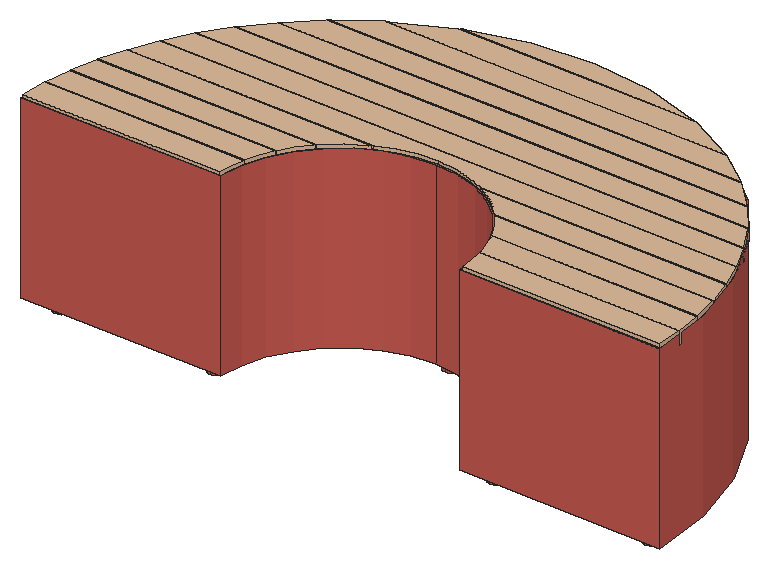
Revit family "product code 61706-S-L", category Meble, Revit 2021
Family settings
  Numer OmniClass = 23.40.20.00
  Tytuł OmniClass = General Furniture and Specialties
  Oparty na płaszczyźnie roboczej = Nie
  Zawsze pionowo = Tak
  Tnij formami wycięć po wczytaniu = Nie
  Współdzielony = Nie
  Punkt obliczania pomieszczeń = Nie
Parameters (values of type "61706-S-L")
  wood = Kobenhagen Wood - Larch
  metal = Kobenhagen RAL 3020
  Width = "80 cm"
  Weight = "150 kg"
  URL = "https://kobenhagen.com/en_US/p/Valby-Bench/109"
  Product line = "Valby"
  Product Groups = "Benches"
  Producent = "Lars Laj"
  Keynote = ""
  Opis = "Valby Bench"
  Model = "61706-S-L"
  Material = "Larch, stainless steel, powder coated steel"
  Maintenance = "We recommend to examine and tighten all screws and bolt clamps after a few weeks’ use. In order to prevent cracks and to extend the life of the wood, it is recommended that the wood details should be oiled every 3-5 years."
  Lenght = "160 cm"
  Type Comments = ""
  Kobenhagen Materials = "larslaj.com/bim"
  Hosted on larslaj.com = "https://larslaj.com/bim"
  Height = "48 cm"
  Domyślna rzędna = 0 mm
  Copyright = "All designs and drawings are the intellectual property of Lars Laj A/S and are protected by Danish and international copyright laws."
Reference planes
  plane 1 "front": y = 0
  plane 2: z = 0
  plane 3 "Środek (Lewa/Prawa)": x = 0
  plane 4 "left": x = -596.285
  plane 5 "back": y = 400
  plane 6: x = -84.517
  plane 7: z = 301.491
Forms (mm)
  Extrusion 1, solid, material "Kobenhagen RAL 3020" <- "metal", not visible
    sketch origin (0, 0, 0) x (0, 1, 0) y (0, 0, 1)
      loop
        arc (71.187, 451.5) -> (57.045, 445.642) -> (51.187, 431.5) r 20
        line (51.187, 431.5) -> (51.187, 18.231)
        arc (51.187, 18.231) -> (56.527, 5.34) -> (69.418, 0) r 18.231
        line (69.418, 0) -> (153.638, 0) -> (153.638, 15) -> (448.638, 15) -> (448.638, 0) -> (527.023, 0)
        arc (527.023, 0) -> (542.307, 6.331) -> (548.638, 21.615) r 21.615
        line (548.638, 21.615) -> (548.638, 429.407)
        arc (548.638, 429.407) -> (542.168, 445.029) -> (526.545, 451.5) r 22.093
        line (526.545, 451.5) -> (71.187, 451.5)
    from 750.378 to 745
  Extrusion 2, solid, material "Kobenhagen RAL 3020" <- "metal", not visible
    sketch origin (0, 0, 0) x (0, 1, 0) y (0, 0, 1)
      loop
        line (548.638, 396.844) -> (629.375, 854.725) -> (601.836, 859.581)
        arc (601.836, 859.581) -> (585.224, 855.898) -> (576.082, 841.547) r 22.232
        line (576.082, 841.547) -> (507.306, 451.5) -> (526.545, 451.5)
        arc (526.545, 451.5) -> (542.168, 445.029) -> (548.638, 429.407) r 22.093
        line (548.638, 429.407) -> (548.638, 396.844)
    from 745 to 750.378
  Extrusion 3, solid, material "Kobenhagen RAL 3020" <- "metal"
    sketch origin (-348.75, 0, 0) x (1, 0, 0) y (0, 1, 0)
      loop
        line (-450, 0) -> (50, 0)
        arc (50, 0) -> (137.426, 211.69) -> (348.75, 299.997) r 300
        arc (348.75, 299.997) -> (560.074, 211.69) -> (647.5, 0) r 300
        line (647.5, 0) -> (1147.5, 0)
        arc (1147.5, 0) -> (913.627, 565.243) -> (348.75, 799.999) r 800
        arc (348.75, 799.999) -> (-216.127, 565.243) -> (-450, 0) r 800
      loop
        line (-446.994, 3) -> (47.015, 3)
        arc (47.015, 3) -> (136.366, 214.871) -> (348.75, 302.997) r 303
        arc (348.75, 302.997) -> (561.134, 214.871) -> (650.485, 3) r 303
        line (650.485, 3) -> (1144.494, 3)
        arc (1144.494, 3) -> (910.445, 564.182) -> (348.75, 796.999) r 797
        arc (348.75, 796.999) -> (-212.945, 564.182) -> (-446.994, 3) r 797
    from 30 to 477
  Extrusion 4, solid, material "Kobenhagen RAL 3020" <- "metal"
    sketch origin (-348.75, 0, 0) x (1, 0, 0) y (0, 1, 0)
      loop
        line (-360.621, 79.011) -> (-21.695, 79.011)
        arc (-21.695, 79.011) -> (110.375, 294.923) -> (348.75, 379.998) r 380
        arc (348.75, 379.998) -> (587.125, 294.923) -> (719.195, 79.011) r 380
        line (719.195, 79.011) -> (1058.121, 79.011)
        arc (1058.121, 79.011) -> (824.795, 532.367) -> (348.75, 714.999) r 715
        arc (348.75, 714.999) -> (-127.295, 532.367) -> (-360.621, 79.011) r 715
      loop
        arc (46.372, 3.65) -> (136.137, 215.56) -> (348.75, 303.647) r 303.65
        arc (348.75, 303.647) -> (561.363, 215.56) -> (651.128, 3.65) r 303.65
        line (651.128, 3.65) -> (1143.842, 3.65)
        arc (1143.842, 3.65) -> (909.755, 563.952) -> (348.75, 796.349) r 796.35
        arc (348.75, 796.349) -> (-212.255, 563.952) -> (-446.342, 3.65) r 796.35
        line (-446.342, 3.65) -> (46.372, 3.65)
    from 30 to 35
  Extrusion 5, solid, material "Kobenhagen RAL 3020" <- "metal"
    sketch origin (-348.75, 0, 0) x (1, 0, 0) y (0, 1, 0)
      loop
        line (-405.778, 43.002) -> (9.706, 43.002)
        arc (9.706, 43.002) -> (122.706, 256.878) -> (348.75, 342.998) r 343
        arc (348.75, 342.998) -> (574.794, 256.878) -> (687.794, 43.002) r 343
        line (687.794, 43.002) -> (1103.278, 43.002)
        arc (1103.278, 43.002) -> (867.808, 549.844) -> (348.75, 756.999) r 757
        arc (348.75, 756.999) -> (-170.308, 549.844) -> (-405.778, 43.002) r 757
      loop
        line (-446.342, 3.65) -> (46.372, 3.65)
        arc (46.372, 3.65) -> (136.137, 215.56) -> (348.75, 303.647) r 303.65
        arc (348.75, 303.647) -> (561.363, 215.56) -> (651.128, 3.65) r 303.65
        line (651.128, 3.65) -> (1143.842, 3.65)
        arc (1143.842, 3.65) -> (909.755, 563.952) -> (348.75, 796.349) r 796.35
        arc (348.75, 796.349) -> (-212.255, 563.952) -> (-446.342, 3.65) r 796.35
    from 433 to 437
  Extrusion 6, solid, material "Kobenhagen Wood - Larch" <- "wood"
    sketch origin (-348.75, 0, 0) x (1, 0, 0) y (0, 1, 0)
      loop
        line (-405.778, 43.002) -> (9.706, 43.002)
        arc (9.706, 43.002) -> (122.706, 256.878) -> (348.75, 342.998) r 343
        arc (348.75, 342.998) -> (574.794, 256.878) -> (687.794, 43.002) r 343
        line (687.794, 43.002) -> (1103.278, 43.002)
        arc (1103.278, 43.002) -> (867.808, 549.844) -> (348.75, 756.999) r 757
        arc (348.75, 756.999) -> (-170.308, 549.844) -> (-405.778, 43.002) r 757
      loop
        line (-446.342, 3.65) -> (46.372, 3.65)
        arc (46.372, 3.65) -> (136.137, 215.56) -> (348.75, 303.647) r 303.65
        arc (348.75, 303.647) -> (561.363, 215.56) -> (651.128, 3.65) r 303.65
        line (651.128, 3.65) -> (1143.842, 3.65)
        arc (1143.842, 3.65) -> (909.755, 563.952) -> (348.75, 796.349) r 796.35
        arc (348.75, 796.349) -> (-212.255, 563.952) -> (-446.342, 3.65) r 796.35
    from 437 to 452
  Extrusion 7, solid, material "Kobenhagen RAL 3020" <- "metal"
    sketch origin (-351.983, -0.539, 0) x (1, 0, 0) y (0, 1, 0)
      loop
        circle (-288.504, 374.049) r 21.2
      loop
        circle (-387.738, 57.811) r 21.2
      loop
        circle (-0.329, 57.399) r 21.2
      loop
        circle (352.601, 350.329) r 21.2
      loop
        circle (-22.56, 639.374) r 21.2
      loop
        circle (352.186, 737.738) r 21.2
      loop
        circle (986.004, 374.049) r 21.2
      loop
        circle (1085.238, 57.811) r 21.2
      loop
        circle (697.829, 57.399) r 21.2
      loop
        circle (720.06, 639.374) r 21.2
    from 0 to 30
  Extrusion 8, solid, material "Kobenhagen Wood - Larch" <- "wood"
    sketch origin (-348.75, 0, 0) x (1, 0, 0) y (0, 1, 0)
      loop
        line (57.407, 740.65) -> (350.428, 740.65) -> (640.093, 740.65)
        arc (640.093, 740.65) -> (497.038, 782.184) -> (348.75, 796.349) r 796.35
        arc (348.75, 796.349) -> (200.462, 782.184) -> (57.407, 740.65) r 796.35
      loop
        line (339.816, 738.65) -> (52.394, 738.65)
        arc (52.394, 738.65) -> (-12.612, 709.003) -> (-74.699, 673.65) r 796.35
        line (-74.699, 673.65) -> (351.769, 673.65) -> (772.199, 673.65)
        arc (772.199, 673.65) -> (710.112, 709.003) -> (645.106, 738.65) r 796.35
        line (645.106, 738.65) -> (339.816, 738.65)
      loop
        line (356.375, 671.65) -> (-77.855, 671.65)
        arc (-77.855, 671.65) -> (-122.993, 640.664) -> (-165.896, 606.65) r 796.35
        line (-165.896, 606.65) -> (356.681, 606.65) -> (863.396, 606.65)
        arc (863.396, 606.65) -> (820.493, 640.664) -> (775.355, 671.65) r 796.35
        line (775.355, 671.65) -> (356.375, 671.65)
      loop
        line (352.949, 604.65) -> (-168.239, 604.65)
        arc (-168.239, 604.65) -> (-202.886, 573.141) -> (-235.62, 539.65) r 796.35
        line (-235.62, 539.65) -> (349.562, 539.65) -> (933.12, 539.65)
        arc (933.12, 539.65) -> (900.386, 573.141) -> (865.739, 604.65) r 796.35
        line (865.739, 604.65) -> (352.949, 604.65)
      loop
        line (349.213, 537.65) -> (-237.457, 537.65)
        arc (-237.457, 537.65) -> (-265.047, 505.857) -> (-290.918, 472.65) r 796.35
        line (-290.918, 472.65) -> (348.63, 472.65) -> (988.418, 472.65)
        arc (988.418, 472.65) -> (962.547, 505.857) -> (934.957, 537.65) r 796.35
        line (934.957, 537.65) -> (349.213, 537.65)
      loop
        line (349.258, 470.65) -> (-292.388, 470.65)
        arc (-292.388, 470.65) -> (-314.634, 438.675) -> (-335.289, 405.65) r 796.35
        line (-335.289, 405.65) -> (350.372, 405.65) -> (1032.789, 405.65)
        arc (1032.789, 405.65) -> (1012.134, 438.675) -> (989.888, 470.65) r 796.35
        line (989.888, 470.65) -> (349.258, 470.65)
      loop
        line (349.735, 403.65) -> (-336.469, 403.65)
        arc (-336.469, 403.65) -> (-354.363, 371.546) -> (-370.756, 338.65) r 796.35
        line (-370.756, 338.65) -> (350.292, 338.65) -> (1068.256, 338.65)
        arc (1068.256, 338.65) -> (1051.863, 371.546) -> (1033.969, 403.65) r 796.35
        line (1033.969, 403.65) -> (349.735, 403.65)
      loop
        line (349.125, 336.65) -> (-371.693, 336.65)
        arc (-371.693, 336.65) -> (-385.857, 304.447) -> (-398.585, 271.65) r 796.35
        line (-398.585, 271.65) -> (214.318, 271.65)
        arc (214.318, 271.65) -> (279.848, 294.745) -> (348.75, 303.695) r 332.005
        arc (348.75, 303.695) -> (417.652, 294.745) -> (483.182, 271.65) r 332.005
        line (483.182, 271.65) -> (1096.085, 271.65)
        arc (1096.085, 271.65) -> (1083.357, 304.447) -> (1069.193, 336.65) r 796.35
        line (1069.193, 336.65) -> (349.125, 336.65)
      loop
        line (210.386, 269.65) -> (-399.308, 269.65)
        arc (-399.308, 269.65) -> (-410.151, 237.367) -> (-419.605, 204.65) r 796.35
        line (-419.605, 204.65) -> (125.675, 204.65)
        arc (125.675, 204.65) -> (165.638, 240.267) -> (210.386, 269.65) r 364.685
      loop
        line (123.867, 202.65) -> (-420.134, 202.65)
        arc (-420.134, 202.65) -> (-427.928, 170.299) -> (-434.363, 137.65) r 796.35
        line (-434.363, 137.65) -> (79.342, 137.65)
        arc (79.342, 137.65) -> (99.487, 171.6) -> (123.867, 202.65) r 303.65
      loop
        line (78.334, 135.65) -> (-434.712, 135.65)
        arc (-434.712, 135.65) -> (-439.63, 103.237) -> (-443.21, 70.65) r 796.35
        line (-443.21, 70.65) -> (54.683, 70.65)
        arc (54.683, 70.65) -> (64.652, 103.826) -> (78.334, 135.65) r 303.65
      loop
        line (54.212, 68.65) -> (-443.385, 68.65)
        arc (-443.385, 68.65) -> (-445.528, 36.18) -> (-446.342, 3.65) r 796.35
        line (-446.342, 3.65) -> (46.372, 3.65)
        arc (46.372, 3.65) -> (48.535, 36.362) -> (54.212, 68.65) r 303.65
      loop
        arc (487.114, 269.65) -> (531.862, 240.267) -> (571.825, 204.65) r 364.685
        line (571.825, 204.65) -> (1117.105, 204.65)
        arc (1117.105, 204.65) -> (1107.651, 237.367) -> (1096.808, 269.65) r 796.35
        line (1096.808, 269.65) -> (487.114, 269.65)
      loop
        arc (573.633, 202.65) -> (598.013, 171.6) -> (618.158, 137.65) r 303.65
        line (618.158, 137.65) -> (1131.863, 137.65)
        arc (1131.863, 137.65) -> (1125.428, 170.299) -> (1117.634, 202.65) r 796.35
        line (1117.634, 202.65) -> (573.633, 202.65)
      loop
        arc (619.166, 135.65) -> (632.848, 103.826) -> (642.817, 70.65) r 303.65
        line (642.817, 70.65) -> (1140.71, 70.65)
        arc (1140.71, 70.65) -> (1137.13, 103.237) -> (1132.212, 135.65) r 796.35
        line (1132.212, 135.65) -> (619.166, 135.65)
      loop
        arc (643.288, 68.65) -> (648.965, 36.362) -> (651.128, 3.65) r 303.65
        line (651.128, 3.65) -> (1143.842, 3.65)
        arc (1143.842, 3.65) -> (1143.028, 36.18) -> (1140.885, 68.65) r 796.35
        line (1140.885, 68.65) -> (643.288, 68.65)
    from 452 to 484
  Extrusion 9, solid, material "Kobenhagen Wood - Larch" <- "wood"
    sketch origin (0, 0, 0) x (1, 0, 0) y (0, 1, 0)
      loop
        line (-45.983, 729.521) -> (-45.983, 349.521) -> (44.017, 349.521) -> (44.017, 729.521) -> (-45.983, 729.521)
      loop
        line (463.603, 539.65) -> (463.603, 43.002) -> (553.603, 43.002) -> (553.603, 539.65) -> (463.603, 539.65)
      loop
        line (-555.57, 539.65) -> (-555.57, 43.002) -> (-465.57, 43.002) -> (-465.57, 539.65) -> (-555.57, 539.65)
    from 433 to 452
Dimensions and locks
  aligned and locked: level to plane 2
